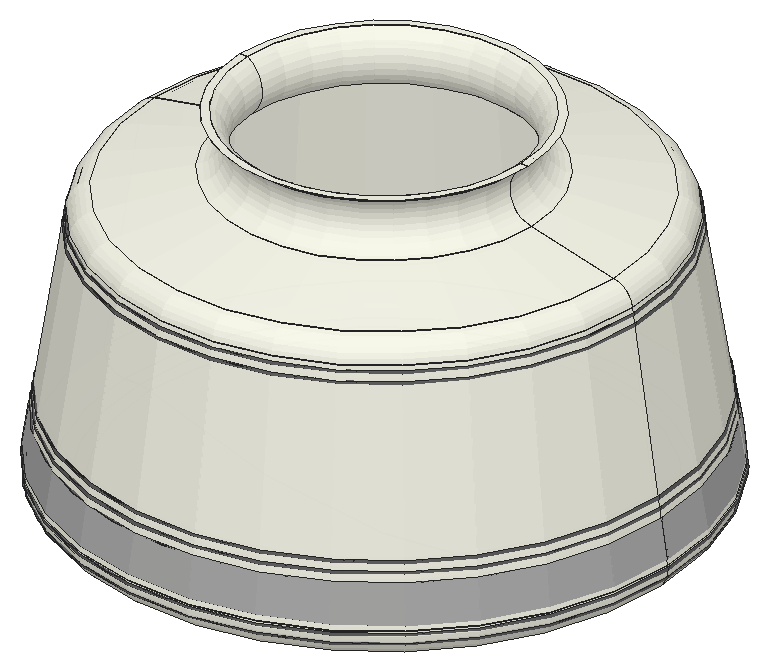
Revit family "PSGY", category Generic Models, Revit 2024
Family settings
  Can host rebar = No
  Round Connector Dimension = Use Diameter
  Part Type = Normal
  Work Plane-Based = No
  Always vertical = Yes
  Cut with Voids When Loaded = No
  Maintain Annotation Orientation = No
  Shared = No
  Room Calculation Point = No
Parameters
  Default Elevation = 0' - 0"
Reference planes (in)
  plane 1 "Center (Front/Back)": y = 0
  plane 2: z = 0
  plane 3 "Center (Left/Right)": x = 0
Forms (in)
  Revolve 1, solid, material "OPAL"
    sketch origin (0, 0, 0) x (1, 0, 0) y (0, 0, 1)
      loop
        arc (2.86059, 49.01527) -> (2.93073, 49.0651) -> (3, 49.11613) r 5
        line (3, 49.11613) -> (2.84394, 49.11613)
        arc (2.84394, 49.11613) -> (2.54026, 48.45628) -> (3.04397, 47.93292) r 0.64435
        line (3.04397, 47.93292) -> (4.76859, 47.573)
        arc (4.76859, 47.573) -> (4.97958, 47.4557) -> (5.08676, 47.23939) r 0.40625
        line (5.08676, 47.23939) -> (5.81497, 42.6802)
        arc (5.81497, 42.6802) -> (5.72289, 42.35249) -> (5.4138, 42.20988) r 0.40625
        line (5.4138, 42.20988) -> (5.09902, 42.20988)
        arc (5.09902, 42.20988) -> (4.98475, 42.19878) -> (4.87476, 42.1659) r 0.59375
        arc (4.87476, 42.1659) -> (2.48381, 41.45114) -> (0, 41.20988) r 12.90625
        line (0, 41.20988) -> (0, 41.11613)
        arc (0, 41.11613) -> (2.50185, 41.35914) -> (4.91017, 42.07909) r 13
        arc (4.91017, 42.07909) -> (5.00279, 42.10678) -> (5.09902, 42.11613) r 0.5
        line (5.09902, 42.11613) -> (5.4138, 42.11613)
        arc (5.4138, 42.11613) -> (5.79422, 42.29165) -> (5.90754, 42.69499) r 0.5
        line (5.90754, 42.69499) -> (5.17934, 47.25418)
        arc (5.17934, 47.25418) -> (5.04742, 47.5204) -> (4.78774, 47.66477) r 0.5
        line (4.78774, 47.66477) -> (3.06312, 48.02469)
        arc (3.06312, 48.02469) -> (2.63616, 48.4534) -> (2.86059, 49.01527) r 0.5506
      axis (0, 49.11613) -> (0, 41.11613)
    angle from 0 to 360
  Revolve 2, solid, material "PN"
    sketch origin (0, 0, 0) x (1, 0, 0) y (0, 0, 1)
      loop
        line (5.20515, 47.17863) -> (5.11021, 47.17863) -> (5.12019, 47.11613) -> (5.21513, 47.11613) -> (5.20515, 47.17863)
      loop
        line (5.2351, 46.99113) -> (5.14016, 46.99113) -> (5.15014, 46.92863) -> (5.24508, 46.92863) -> (5.2351, 46.99113)
      loop
        line (5.72425, 43.92863) -> (5.62931, 43.92863) -> (5.63929, 43.86613) -> (5.73423, 43.86613) -> (5.72425, 43.92863)
      loop
        line (5.75419, 43.74113) -> (5.65926, 43.74113) -> (5.66924, 43.67863) -> (5.76418, 43.67863) -> (5.75419, 43.74113)
      loop
        line (5.78414, 43.55363) -> (5.6892, 43.55363) -> (5.80899, 42.80363) -> (5.90393, 42.80363) -> (5.78414, 43.55363)
      loop
        line (5.92362, 42.67863) -> (5.82896, 42.67863)
        arc (5.82896, 42.67863) -> (5.83258, 42.64747) -> (5.83379, 42.61613) r 0.40625
        line (5.83379, 42.61613) -> (5.92754, 42.61613)
        arc (5.92754, 42.61613) -> (5.92656, 42.64744) -> (5.92362, 42.67863) r 0.5
      loop
        line (5.91167, 42.49113) -> (5.81408, 42.49113)
        arc (5.81408, 42.49113) -> (5.80232, 42.45933) -> (5.78794, 42.42863) r 0.40625
        line (5.78794, 42.42863) -> (5.89106, 42.42863)
        arc (5.89106, 42.42863) -> (5.90239, 42.45954) -> (5.91167, 42.49113) r 0.5
      axis (0, 47.17863) -> (0, 42.42863)
    angle from 0 to 360
Dimensions and locks (in)
  aligned and locked: plane 2 to level
